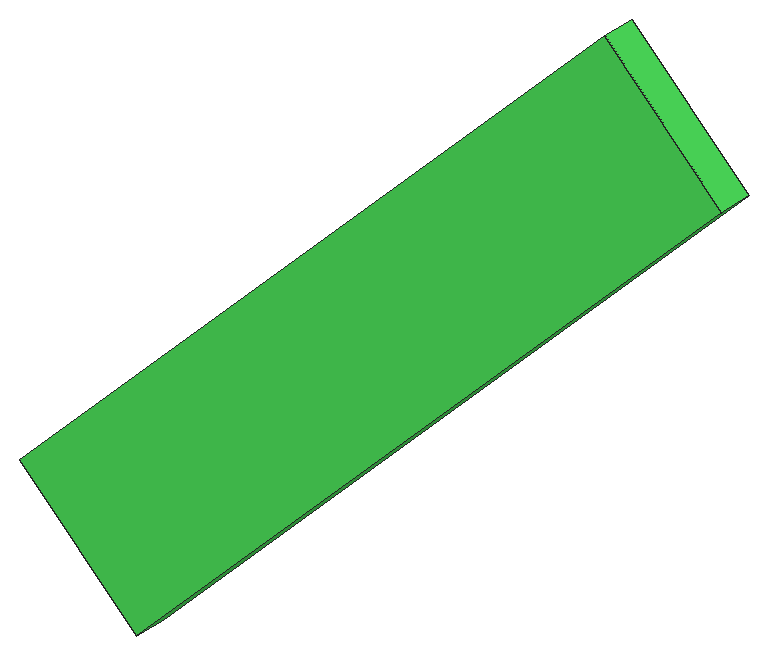
Revit family "機器サポート_角形鋼管(長方形) 1", category Generic Models, Revit 2020
Family settings
  Can host rebar = No
  Round Connector Dimension = Use Diameter
  Part Type = Normal
  Work Plane-Based = Yes
  Always vertical = No
  Cut with Voids When Loaded = No
  Shared = No
  Room Calculation Point = No
Parameters (values of type "100 x 20")
  高さ = 100 mm
  長辺 [instance] = 長さ  # 500 mm
  長さ [instance] = 500 mm
  部屋名 = ""
  角度 [instance] = 45.00°
  Default Elevation = 1219.2 mm
  構造マテリアル = E003_機器サポート
  幅 = 20 mm
Types (20, lengths in mm): name | 高さ | 幅
  50 x 20 | 50 | 20
  50 x 30 | 50 | 30
  60 x 30 | 60 | 30
  75 x 20 | 75 | 20
  75 x 45 | 75 | 45
  80 x 40 | 80 | 40
  90 x 40 | 90 | 40
  100 x 20 | 100 | 20
  100 x 40 | 100 | 40
  100 x 50 | 100 | 50
  125 x 40 | 125 | 40
  125 x 75 | 125 | 75
  150 x 100 | 150 | 100
  150 x 75 | 150 | 75
  150 x 80 | 150 | 80
  200 x 100 | 200 | 100
  200 x 150 | 200 | 150
  300 x 200 | 300 | 200
  350 x 150 | 350 | 150
  400 x 200 | 400 | 200
Reference planes
  plane 1 "中心(正面/背面)": y = 0
  plane 2: z = 0
  plane 3 "中心(左/右)": x = 0
Lines and regions (mm)
  reference lines
    curve 1: line (0, 0, 0) -> (848.528, 0, 848.528)
    curve 2: line (35.355, 0, -35.355) -> (-35.355, 0, 35.355)
    curve 3: line (388.909, 0, 318.198) -> (318.198, 0, 388.909)
Dimensions and locks
  equal spacing: curve 2, curve 1, curve 2
  "高さ": curve 2 to curve 2
  equal spacing: curve 3, curve 1, curve 3
  "高さ": curve 3 to curve 3
  "長さ": curve 2 to curve 3
  "角度": angle level to curve 1
  angle curve 2 to curve 1 = 90.00°
  angle curve 3 to curve 1 = 90.00°
  aligned and locked: level to plane 2
  aligned and locked: level to curve 1
  aligned and locked: plane 3 "中心(左/右)" to curve 1
  aligned and locked: nested 1 to curve 1
Nested families
  nested 1: "グレーチング_角形鋼管(長方形)" at (-35.355, 0, 35.355) x (0, 1, 0) z (0.7071, 0, -0.7071), 長さ <- "長さ", type "50 x 20"
    with 長辺 500 mm, 長さ 500 mm, 高さ 100 mm
Definition of nested family "グレーチング_角形鋼管(長方形)"
  Parameters (values of type "50 x 20")
    高さ = 50 mm
    長辺 [instance] = 長さ  # 1000 mm
    長さ [instance] = 1000 mm
    部屋名 = ""
    Default Elevation = 1219.2 mm
    構造マテリアル = none
    幅 = 20 mm
  Reference planes
    plane 1 "中心(正面/背面)": y = 0
    plane 2: z = 0
    plane 3 "中心(左/右)": x = 0
    plane 4: z = 25
    plane 5: z = 50
  Forms (mm)
    Extrusion 1, solid, material <- "構造マテリアル"
      sketch origin (0, 0, 0) x (1, 0, 0) y (0, 1, 0)
        loop
          line (-10, 1000) -> (-10, 0) -> (10, 0) -> (10, 1000) -> (-10, 1000)
      from 0 to 50
  Lines and regions (mm)
    reference lines
      curve 1: line (10, 1000, 0) -> (-10, 1000, 0)
      curve 2: line (10, 0, 0) -> (-10, 0, 0)
  Dimensions and locks
    "長さ": curve 1 to curve 2
    "幅": Extrusion 1 to Extrusion 1
    equal spacing: Extrusion 1, plane 3 "中心(左/右)", Extrusion 1
    "幅": curve 1 to curve 1
    equal spacing: curve 1, plane 3 "中心(左/右)", curve 1
    "幅": curve 2 to curve 2
    equal spacing: curve 2, plane 3 "中心(左/右)", curve 2
    equal spacing: plane 5, plane 4, level
    "高さ": plane 5 to level
    aligned and locked: level to plane 2
    aligned and locked: Extrusion 1 to curve 2
    aligned and locked: curve 1 to Extrusion 1
    aligned and locked: plane 5 to Extrusion 1
  Automatic sketch dimensions
    Extrusion 1 sketch curve to plane 3 "中心(左/右)" = 10 mm
    plane 3 "中心(左/右)" to Extrusion 1 sketch curve = 10 mm
    plane 1 "中心(正面/背面)" to Extrusion 1 sketch curve = 0 mm
    Extrusion 1 sketch curve to plane 1 "中心(正面/背面)" = 1000 mm
    plane 1 "中心(正面/背面)" to curve 2 = 0 mm
